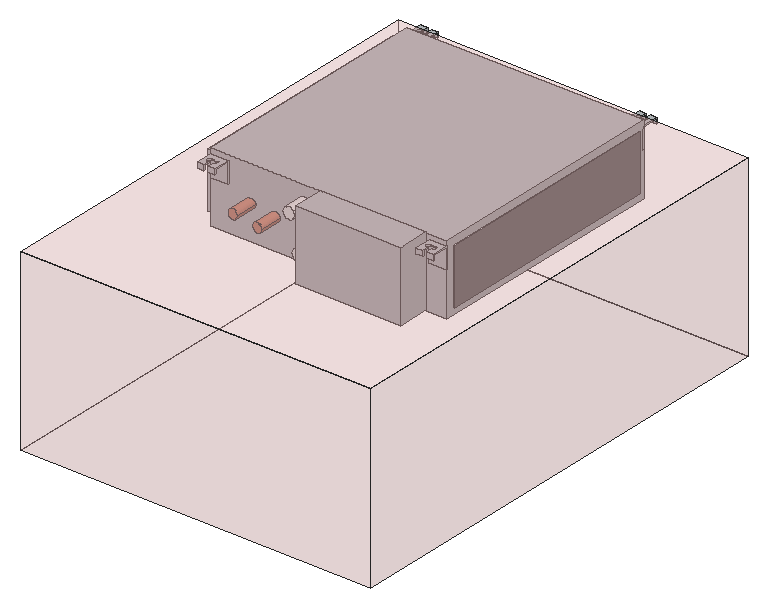
Revit family "PEFY-WP20VMS1-E_Service_Area1", category Mechanical Equipment, host Ceiling, Revit 2012
Parameters (values of type "PEFY-WP20VMS1-E_240V_60Hz")
  Description = "Ceiling concealed"
  Manufacturer = "Mitsubishi Electric Corporation"
  Model = "PEFY-WP20VMS1-E"
  Width = 790 mm
  Water Pipe_radius (To HBC Unit) = 13.2 mm
  Water Pipe_radius (From HBC Unit) = 13.2 mm
  WarrantyStart = ""
  Voltage = 240 V
  Unit Weight (kg) = 20
  URL = "http://www.mitsubishielectric.com/"
  TagNumber = 0
  Subcategory = "HVAC"
  Space View = yes
  Sound Pressure Level_Mid (dB(A)) = 25
  Sound Pressure Level_Low (dB(A)) = 23
  Sound Pressure Level_High (dB(A)) = 29
  SerialNumber = 0
  ReplacementYear = ""
  Protection Device = "Fuse"
  Phase = 1
  Maximum Circuit Ampacity (A) = 0.7
  InstallationDate = ""
  Hertz = 60 Hz
  Height = 200 mm
  Heating Power Input (kW) = 0.031
  Heating Current (A) = 0.38
  Heating Capacity (kW) = 2.5
  Fan_Type = "Sirocco fan"
  Fan_Quantity = 2
  Fan Motor Output (kW) = 0.096
  External_static_pressure (Pa) = "5-15-35-50"
  External Finish = "Galvanized steel plate"
  Equip_description = ""
  Equip_No. = 0
  Equip_ID = ""
  Drain pipe2_radius = 16 mm
  Drain pipe1_radius = 16 mm
  Description = ""
  Depth = 700 mm
  CreatedOn = ""
  CreatedBy = ""
  Cooling Power Input (kW) = 0.051
  Cooling Current (A) = 0.49
  Cooling Capacity (kW) = 2.2
  Category = ""
  Barcode = ""
  AssetIdentifier = ""
  Airflow Rate_Mid (m3/min) = 6.5
  Airflow Rate_Mid (m3/h) = 390
  Airflow Rate_Low (m3/min) = 5.5
  Airflow Rate_Low (m3/h) = 330
  Airflow Rate_High (m3/min) = 8
  Airflow Rate_High (m3/h) = 480
Types (6, lengths in mm): name | Voltage | Hertz
  PEFY-WP20VMS1-E_220V_50Hz | 220 V | 50 Hz
  PEFY-WP20VMS1-E_220V_60Hz | 220 V | 60 Hz
  PEFY-WP20VMS1-E_230V_50Hz | 230 V | 50 Hz
  PEFY-WP20VMS1-E_230V_60Hz | 230 V | 60 Hz
  PEFY-WP20VMS1-E_240V_50Hz | 240 V | 50 Hz
  PEFY-WP20VMS1-E_240V_60Hz | 240 V | 60 Hz
Reference planes
  plane 1 "Center (Front/Back)": y = 0
  plane 2: z = 0
  plane 3 "Center (Left/Right)": x = 0
  plane 4 "Ceiling": z = 3750
  plane 5: z = 4050
  plane 6: y = -990
  plane 7: z = 4250
  plane 8: y = -350
  plane 9: y = 350
  plane 10: y = 350
  plane 11: z = 4235
  plane 12: x = 325
  plane 13: x = 350
  plane 14: x = -300
  plane 15: x = -350
  plane 16: z = 4230
  plane 17: x = -57
  plane 18: z = 4202
  plane 19: z = 4080
  plane 20: x = -211
  plane 21: x = -141
  plane 22: z = 4148
  plane 23: z = 4138
  plane 24: y = -440
Forms (mm)
  Extrusion 1, solid, material "Plated steel"
    sketch origin (88.259, -337.375, 3750) x (1, 0, 0) y (0, 1, 0)
      loop
        line (-415.259, 687.375) -> (-415.259, -12.625) -> (261.741, -12.625) -> (261.741, 687.375) -> (-415.259, 687.375)
    from 300 to 500
  Extrusion 2, solid, material "Service space", visible <- "Space View"
    sketch origin (-2000, 6000, 4050) x (0, 1, 0) y (1, 0, 0)
      loop
        line (-7000, 1650) -> (-5650, 1650) -> (-5650, 2650) -> (-7000, 2650) -> (-7000, 1650)
    from 300 to -210
  Extrusion 3, solid
    sketch origin (0, 0, 0) x (0, 1, 0) y (0, 0, 1)
      loop
        line (-330, 4230) -> (-330, 4071) -> (330, 4071) -> (330, 4230) -> (-330, 4230)
    from 350 to 355
  Extrusion 4, solid
    sketch origin (-350, 0, 4250) x (0, 0, 1) y (0, -1, 0)
      loop
        line (-20, 330) -> (-179, 330) -> (-179, -330) -> (-20, -330) -> (-20, 330)
    from 0 to 23
  Extrusion 5, solid
    sketch origin (794.259, -350, 3750) x (-1, 0, 0) y (0, 0, -1)
      loop
        circle (851.259, -452) r 16
    from 0 to 57
  Extrusion 6, solid
    sketch origin (794.259, -350, 3750) x (-1, 0, 0) y (0, 0, -1)
      loop
        circle (851.259, -330) r 16
    from 0 to 25
  Extrusion 7, solid
    sketch origin (794.259, -350, 3750) x (-1, 0, 0) y (0, 0, -1)
      loop
        line (505.751, -500) -> (805.751, -500) -> (805.751, -300) -> (505.751, -300) -> (505.751, -500)
    from 0 to 90
  Extrusion 8, solid
    sketch origin (794.259, -350, 3750) x (-1, 0, 0) y (0, 0, -1)
      loop
        circle (1005.259, -398) r 13.2
      loop
        circle (935.259, -388) r 13.2
    from 0 to 64
Lines and regions (mm)
  model lines
    curve 1: line (-300, 300, 3750) -> (150, 300, 3750)
    curve 2: line (-300, -150, 3750) -> (-300, 300, 3750)
    curve 3: line (150, -150, 3750) -> (-300, -150, 3750)
    curve 4: line (150, 300, 3750) -> (150, -150, 3750)
    curve 5: line (125, -550, 3750) -> (575, -550, 3750)
    curve 6: line (125, -1000, 3750) -> (125, -550, 3750)
    curve 7: line (575, -1000, 3750) -> (125, -1000, 3750)
    curve 8: line (575, -550, 3750) -> (575, -1000, 3750)
Dimensions and locks
  equal spacing: host sketch curve, plane 3 "Center (Left/Right)", host sketch curve
  equal spacing: host sketch curve, plane 1 "Center (Front/Back)", host sketch curve
  host sketch curve to host sketch curve = 4000 mm  (x2)
  locked: plane 4 "Ceiling" to host ceiling at 0
  Extrusion 1 to Extrusion 1 = 700 mm
  Extrusion 1 to plane 1 "Center (Front/Back)" = 350 mm
  plane 5 to Extrusion 1 = 200 mm
  plane 7 to plane 5 = 200 mm
  plane 4 "Ceiling" to plane 5 = 300 mm
  Extrusion 1 to Extrusion 1 = 677 mm
  plane 8 to plane 10 = 700 mm
  locked: plane 11 to plane 7 at 15
  locked: plane 16 to plane 7 at 20
  locked: Extrusion 3 to plane 16 at 159
  locked: Extrusion 4 to plane 16 at 159
  plane 7 to plane 18 to plane 19 = 48 mm locked, 122 mm locked
  locked: Extrusion 7 to Extrusion 7 at 200
  plane 7 to plane 22 to plane 23 = 102 mm locked, 10 mm locked
  aligned and locked: plane 5 to Extrusion 1
  aligned and locked: Extrusion 1 to plane 7
  aligned and locked: plane 8 to Extrusion 1
  aligned and locked: plane 10 to Extrusion 1
  aligned and locked: nested 1 to Extrusion 1
  aligned and locked: nested 1 to plane 14
  aligned and locked: nested 1 to plane 11
  aligned and locked: nested 2 to plane 11
  aligned and locked: plane 11 to nested 4
  aligned and locked: plane 11 to nested 3
  aligned and locked: nested 4 to plane 10
  aligned and locked: nested 3 to plane 10
  aligned and locked: Extrusion 3 to plane 16
  aligned and locked: Extrusion 4 to plane 16
  aligned and locked: plane 8 to nested 2
  aligned and locked: plane 18 to Extrusion 5
  aligned and locked: plane 19 to Extrusion 6
  aligned and locked: Extrusion 7 to plane 7
  aligned and locked: plane 22 to Extrusion 8
  aligned and locked: plane 23 to Extrusion 8
Nested families
  nested 1: "LEG" at (-300, -376, 4235), type "LEG_28"
  nested 2: "LEG" at (325, -376, 4235), type "LEG_28"
  nested 3: "LEG" at (-300, 376, 4235), type "LEG_28"
  nested 4: "LEG" at (325, 376, 4235), type "LEG_28"
Connectors
  piping at (-57, -407, 4202), driven by "Drain pipe1_radius"
    settings: on Extrusion 5, index 1, connector radius 16 mm, flow factor 0, pipe flow 0.0 L/s, pressure drop 0.0 Pa, fitting loss kfactor 0, connector angle 0.00°, fixture units 0, engagement length 0 mm, flow configuration 0, flow direction 2, fitting loss method 0, system type 22, joint type 0, gender type 0, connector reference index -1, connector utility 0, adjustable connector no, is connector primary no, fitting loss table "", connector description "Drain pipe"
  piping at (-57, -375, 4080), driven by "Drain pipe2_radius"
    settings: on Extrusion 6, index 2, connector radius 16 mm, flow factor 0, pipe flow 0.0 L/s, pressure drop 0.0 Pa, fitting loss kfactor 0, connector angle 0.00°, fixture units 0, engagement length 0 mm, flow configuration 0, flow direction 2, fitting loss method 0, system type 22, joint type 0, gender type 0, connector reference index -1, connector utility 0, adjustable connector no, is connector primary yes, fitting loss table "", connector description "Drain pipe"
  piping at (-141, -414, 4138)
    settings: on Extrusion 8, index 3, connector radius 13.2 mm, flow factor 0, pipe flow 0.0 L/s, pressure drop 0.0 Pa, fitting loss kfactor 0, connector angle 0.00°, fixture units 0, engagement length 0 mm, flow configuration 0, flow direction 1, fitting loss method 0, system type 22, joint type 0, gender type 0, connector reference index -1, connector utility 0, adjustable connector no, is connector primary no, fitting loss table "", connector description "Water pipe(From HBC unit)"
  piping at (-211, -414, 4148)
    settings: on Extrusion 8, index 4, connector radius 13.2 mm, flow factor 0, pipe flow 0.0 L/s, pressure drop 0.0 Pa, fitting loss kfactor 0, connector angle 0.00°, fixture units 0, engagement length 0 mm, flow configuration 0, flow direction 2, fitting loss method 0, system type 22, joint type 0, gender type 0, connector reference index -1, connector utility 0, adjustable connector no, is connector primary no, fitting loss table "", connector description "Water pipe(To HBC unit)"
  hvac at (355, 0, 4150.5)
    settings: on Extrusion 3, index 5, duct flow 0.0 L/s, flow factor 0, pres drop 0.0 Pa, loss coef 0, conn angle 0.00°, conn width 660 mm, conn height 160 mm, conn radius 304.8 mm, duct sys type 1, conn prof type 1, flow config 0, flow direction 1, loss method 0, conn ref index -1, conn util no, is conn primary yes, conn desc "Air inlet"
  hvac at (-350, 0, 4150.5)
    settings: on Extrusion 4, index 6, duct flow 0.0 L/s, flow factor 0, pres drop 0.0 Pa, loss coef 0, conn angle 0.00°, conn width 660 mm, conn height 150 mm, conn radius 304.8 mm, duct sys type 3, conn prof type 1, flow config 0, flow direction 2, loss method 0, conn ref index -1, conn util no, is conn primary no, conn desc "Air outlet"
  electrical at (288.508, -395, 4150), driven by "Phase", driven by "Voltage"
    settings: on Extrusion 7, index 7, voltage 240 V, apparent load 0 VA, apparent load phase1 0 VA, apparent load phase2 0 VA, apparent load phase3 0 VA, power factor 1, load classification "Other", number of poles 1, system type 30, power factor state 1, is connector primary yes, connector utility no, sub classification motor no, connector description ""
Definition of nested family "LEG"
  Parameters (values of type "LEG_28")
    product distance = 28 mm
  Reference planes
    plane 1 "中心(正面/背面)": y = 0
    plane 2: z = 0
    plane 3 "中心(左/右)": x = 0
    plane 4: x = -25
    plane 5: x = 25
    plane 6: y = -23
    plane 7: y = 28
    plane 8: x = -8
    plane 9: x = 8
    plane 10: x = -6
    plane 11: x = 6
  Forms (mm)
    Extrusion 1, solid, material "Plated steel"
      sketch origin (0, 0, 0) x (1, 0, 0) y (0, 1, 0)
        loop
          line (-25, 26) -> (-25, -23) -> (25, -23) -> (25, 26) -> (-25, 26)
      from 0 to -60
    Extrusion 2, void
      sketch origin (0, 0, 0) x (0, 1, 0) y (0, 0, 1)
        loop
          line (-20.7, -2.3) -> (-20.7, -15) -> (-23, -15) -> (-23, -60) -> (24, -60) -> (24, -2.3) -> (-20.7, -2.3)
      from -25 to 25
    Extrusion 3, void
      sketch origin (0, 0, 0) x (1, 0, 0) y (0, 1, 0)
        loop
          arc (-8, 7) -> (-15, 0) -> (-8, -7) r 7
          line (-8, -7) -> (-6, -7) -> (-6, -23) -> (6, -23) -> (6, -7) -> (8, -7)
          arc (8, -7) -> (15, 0) -> (8, 7) r 7
          line (8, 7) -> (-8, 7)
      from 0 to -60
  Cuts and joins
    Extrusion 2, Extrusion 3 cuts Extrusion 1
  Dimensions and locks
    locked: Extrusion 1 sketch curve to Extrusion 1 sketch curve at 50
    equal spacing: Extrusion 1 sketch curve, plane 3 "中心(左/右)", Extrusion 1 sketch curve
    locked: plane 6 to plane 1 "中心(正面/背面)" at 23
    "product distance": plane 1 "中心(正面/背面)" to plane 7
    plane 7 to Extrusion 2 sketch curve = 4 mm
    locked: cut or joined group of Extrusion 1, Extrusion 2, Extrusion 3 to cut or joined group of Extrusion 1, Extrusion 2, Extrusion 3 at 2.3  (x2)
    aligned and locked: level to plane 2
    aligned and locked: Extrusion 2 to Extrusion 1
    aligned and locked: Extrusion 1 to Extrusion 2
    aligned and locked: Extrusion 2 sketch curve to cut or joined group of Extrusion 1, Extrusion 2, Extrusion 3  (x2)
    aligned and locked: cut or joined group of Extrusion 1, Extrusion 2, Extrusion 3 to Extrusion 3 sketch curve
    aligned and locked: plane 6 to Extrusion 1 sketch curve
  Automatic sketch dimensions
    Extrusion 2 sketch curve to plane 6 = 2.3 mm
    Extrusion 2 sketch curve to level = 15 mm
    Extrusion 2 sketch curve to level = 2.3 mm
    plane 1 "中心(正面/背面)" to Extrusion 3 sketch curve = 0 mm  (x2)
    Extrusion 3 sketch curve to plane 8 = 0 mm
    Extrusion 3 sketch curve to plane 10 = 0 mm
    Extrusion 3 sketch curve to plane 11 = 0 mm
    Extrusion 3 sketch curve to plane 9 = 0 mm  (x2)
    plane 1 "中心(正面/背面)" to Extrusion 3 sketch curve = 7 mm
    plane 7 to Extrusion 1 sketch curve = 2 mm
